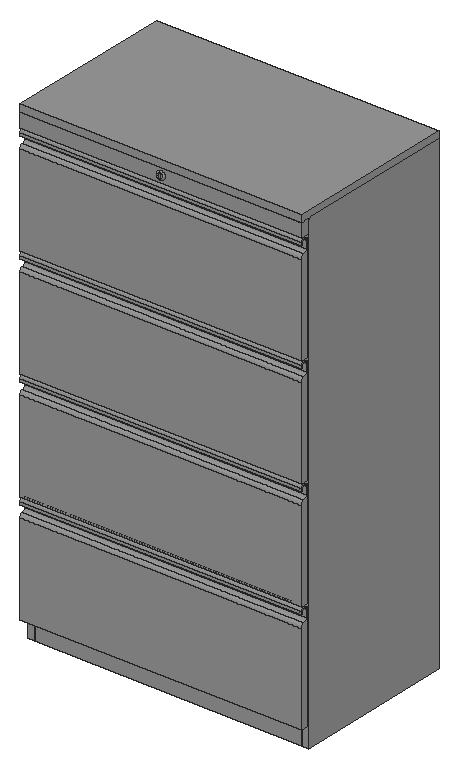
Revit family "ST.FO.LF.4DR.301851 Folio Lateral File Cabinet", category Generic Models, Revit 2018
Family settings
  Can host rebar = No
  Round Connector Dimension = Use Diameter
  Part Type = Normal
  Work Plane-Based = No
  Always vertical = Yes
  Cut with Voids When Loaded = No
  Shared = No
  Room Calculation Point = No
Parameters
  Surface = ST.FO.LF.4DR.301851 Folio Lateral File Surface
Reference planes (in)
  plane 1 "Center (Front/Back)": y = 0
  plane 2: z = 0
  plane 3 "Center (Left/Right)": x = 0
Forms (in)
  Extrusion 1, solid, material "ST.FO.LF.4DR.301851 Folio Lateral File Surface" <- "Surface"
    sketch origin (0, 0, 0) x (0, 1, 0) y (0, 0, 1)
      loop
        line (-9.1055, 48.88462) -> (-9.1055, 48.62738) -> (-9.0696, 48.62738) -> (-9.0696, 48.88462)
        arc (-9.0696, 48.88462) -> (-8.74025, 49.21398) -> (-8.4109, 48.88462) r 0.32935
        line (-8.4109, 48.88462) -> (-8.4109, 48.05488)
        arc (-8.4109, 48.05488) -> (-8.51505, 47.80343) -> (-8.7665, 47.69927) r 0.3556
        arc (-8.7665, 47.69927) -> (-9.02, 47.59427) -> (-9.125, 47.34078) r 0.3585
        line (-9.125, 47.34078) -> (-9.125, 37.636) -> (-8.375, 37.636) -> (-8.375, 48.88462)
        arc (-8.375, 48.88462) -> (-8.74025, 49.24988) -> (-9.1055, 48.88462) r 0.36525
    from -15 to 15
  Extrusion 2, solid, material "ST.FO.LF.4DR.301851 Folio Lateral File Surface" <- "Surface"
    sketch origin (0, 0, 0) x (1, 0, 0) y (0, 0, 1)
      loop
        line (-13.625, 47.476) -> (-13.75, 47.476) -> (-13.75, 38.476) -> (-13.625, 38.476) -> (-13.625, 39.101) -> (13.625, 39.101) -> (13.625, 38.476) -> (13.75, 38.476) -> (13.75, 47.476) -> (13.625, 47.476) -> (13.625, 39.226) -> (-13.625, 39.226) -> (-13.625, 47.476)
    from -3.5 to 8.25
  Extrusion 3, solid, material "ST.FO.LF.4DR.301851 Folio Lateral File Surface" <- "Surface"
    sketch origin (0, 0, 0) x (1, 0, 0) y (0, 0, 1)
      loop
        line (-13.75, 47.476) -> (-13.75, 38.476) -> (13.75, 38.476) -> (13.75, 47.476) -> (-13.75, 47.476)
    from -3.625 to -3.5
  Extrusion 4, solid, material "ST.FO.LF.4DR.301851 Folio Lateral File Surface" <- "Surface"
    sketch origin (0, -11.875, 0) x (1, 0, 0) y (0, 0, 1)
      loop
        line (-13.75, 47.476) -> (-13.75, 38.476) -> (13.75, 38.476) -> (13.75, 47.476) -> (-13.75, 47.476)
    from -3.625 to -3.5
  Extrusion 5, solid, material "ST.FO.LF.4DR.301851 Folio Lateral File Surface" <- "Surface"
    sketch origin (0, 0, -11.739) x (0, 1, 0) y (0, 0, 1)
      loop
        line (-9.1055, 48.88462) -> (-9.1055, 48.62738) -> (-9.0696, 48.62738) -> (-9.0696, 48.88462)
        arc (-9.0696, 48.88462) -> (-8.74025, 49.21398) -> (-8.4109, 48.88462) r 0.32935
        line (-8.4109, 48.88462) -> (-8.4109, 48.05488)
        arc (-8.4109, 48.05488) -> (-8.51505, 47.80343) -> (-8.7665, 47.69927) r 0.3556
        arc (-8.7665, 47.69927) -> (-9.02, 47.59427) -> (-9.125, 47.34078) r 0.3585
        line (-9.125, 47.34078) -> (-9.125, 37.636) -> (-8.375, 37.636) -> (-8.375, 48.88462)
        arc (-8.375, 48.88462) -> (-8.74025, 49.24988) -> (-9.1055, 48.88462) r 0.36525
    from -15 to 15
  Extrusion 6, solid, material "ST.FO.LF.4DR.301851 Folio Lateral File Surface" <- "Surface"
    sketch origin (0, 0, -11.739) x (1, 0, 0) y (0, 0, 1)
      loop
        line (-13.625, 47.476) -> (-13.75, 47.476) -> (-13.75, 38.476) -> (-13.625, 38.476) -> (-13.625, 39.101) -> (13.625, 39.101) -> (13.625, 38.476) -> (13.75, 38.476) -> (13.75, 47.476) -> (13.625, 47.476) -> (13.625, 39.226) -> (-13.625, 39.226) -> (-13.625, 47.476)
    from -3.5 to 8.25
  Extrusion 7, solid, material "ST.FO.LF.4DR.301851 Folio Lateral File Surface" <- "Surface"
    sketch origin (0, 0, -11.739) x (1, 0, 0) y (0, 0, 1)
      loop
        line (-13.75, 47.476) -> (-13.75, 38.476) -> (13.75, 38.476) -> (13.75, 47.476) -> (-13.75, 47.476)
    from -3.625 to -3.5
  Extrusion 8, solid, material "ST.FO.LF.4DR.301851 Folio Lateral File Surface" <- "Surface"
    sketch origin (0, -11.875, -11.739) x (1, 0, 0) y (0, 0, 1)
      loop
        line (-13.75, 47.476) -> (-13.75, 38.476) -> (13.75, 38.476) -> (13.75, 47.476) -> (-13.75, 47.476)
    from -3.625 to -3.5
  Extrusion 9, solid, material "ST.FO.LF.4DR.301851 Folio Lateral File Surface" <- "Surface"
    sketch origin (0, 0, -23.477) x (0, 1, 0) y (0, 0, 1)
      loop
        line (-9.1055, 48.88462) -> (-9.1055, 48.62738) -> (-9.0696, 48.62738) -> (-9.0696, 48.88462)
        arc (-9.0696, 48.88462) -> (-8.74025, 49.21398) -> (-8.4109, 48.88462) r 0.32935
        line (-8.4109, 48.88462) -> (-8.4109, 48.05488)
        arc (-8.4109, 48.05488) -> (-8.51505, 47.80343) -> (-8.7665, 47.69927) r 0.3556
        arc (-8.7665, 47.69927) -> (-9.02, 47.59427) -> (-9.125, 47.34078) r 0.3585
        line (-9.125, 47.34078) -> (-9.125, 37.636) -> (-8.375, 37.636) -> (-8.375, 48.88462)
        arc (-8.375, 48.88462) -> (-8.74025, 49.24988) -> (-9.1055, 48.88462) r 0.36525
    from -15 to 15
  Extrusion 10, solid, material "ST.FO.LF.4DR.301851 Folio Lateral File Surface" <- "Surface"
    sketch origin (0, 0, -23.477) x (1, 0, 0) y (0, 0, 1)
      loop
        line (-13.625, 47.476) -> (-13.75, 47.476) -> (-13.75, 38.476) -> (-13.625, 38.476) -> (-13.625, 39.101) -> (13.625, 39.101) -> (13.625, 38.476) -> (13.75, 38.476) -> (13.75, 47.476) -> (13.625, 47.476) -> (13.625, 39.226) -> (-13.625, 39.226) -> (-13.625, 47.476)
    from -3.5 to 8.25
  Extrusion 11, solid, material "ST.FO.LF.4DR.301851 Folio Lateral File Surface" <- "Surface"
    sketch origin (0, 0, -23.477) x (1, 0, 0) y (0, 0, 1)
      loop
        line (-13.75, 47.476) -> (-13.75, 38.476) -> (13.75, 38.476) -> (13.75, 47.476) -> (-13.75, 47.476)
    from -3.625 to -3.5
  Extrusion 12, solid, material "ST.FO.LF.4DR.301851 Folio Lateral File Surface" <- "Surface"
    sketch origin (0, -11.875, -23.477) x (1, 0, 0) y (0, 0, 1)
      loop
        line (-13.75, 47.476) -> (-13.75, 38.476) -> (13.75, 38.476) -> (13.75, 47.476) -> (-13.75, 47.476)
    from -3.625 to -3.5
  Extrusion 13, solid, material "ST.FO.LF.4DR.301851 Folio Lateral File Surface" <- "Surface"
    sketch origin (0, 0, -35.216) x (0, 1, 0) y (0, 0, 1)
      loop
        line (-9.1055, 48.88462) -> (-9.1055, 48.62738) -> (-9.0696, 48.62738) -> (-9.0696, 48.88462)
        arc (-9.0696, 48.88462) -> (-8.74025, 49.21398) -> (-8.4109, 48.88462) r 0.32935
        line (-8.4109, 48.88462) -> (-8.4109, 48.05488)
        arc (-8.4109, 48.05488) -> (-8.51505, 47.80343) -> (-8.7665, 47.69927) r 0.3556
        arc (-8.7665, 47.69927) -> (-9.02, 47.59427) -> (-9.125, 47.34078) r 0.3585
        line (-9.125, 47.34078) -> (-9.125, 37.636) -> (-8.375, 37.636) -> (-8.375, 48.88462)
        arc (-8.375, 48.88462) -> (-8.74025, 49.24988) -> (-9.1055, 48.88462) r 0.36525
    from -15 to 15
  Extrusion 14, solid, material "ST.FO.LF.4DR.301851 Folio Lateral File Surface" <- "Surface"
    sketch origin (0, 0, -35.216) x (1, 0, 0) y (0, 0, 1)
      loop
        line (-13.625, 47.476) -> (-13.75, 47.476) -> (-13.75, 38.476) -> (-13.625, 38.476) -> (-13.625, 39.101) -> (13.625, 39.101) -> (13.625, 38.476) -> (13.75, 38.476) -> (13.75, 47.476) -> (13.625, 47.476) -> (13.625, 39.226) -> (-13.625, 39.226) -> (-13.625, 47.476)
    from -3.5 to 8.25
  Extrusion 15, solid, material "ST.FO.LF.4DR.301851 Folio Lateral File Surface" <- "Surface"
    sketch origin (0, 0, -35.216) x (1, 0, 0) y (0, 0, 1)
      loop
        line (-13.75, 47.476) -> (-13.75, 38.476) -> (13.75, 38.476) -> (13.75, 47.476) -> (-13.75, 47.476)
    from -3.625 to -3.5
  Extrusion 16, solid, material "ST.FO.LF.4DR.301851 Folio Lateral File Surface" <- "Surface"
    sketch origin (0, -11.875, -35.216) x (1, 0, 0) y (0, 0, 1)
      loop
        line (-13.75, 47.476) -> (-13.75, 38.476) -> (13.75, 38.476) -> (13.75, 47.476) -> (-13.75, 47.476)
    from -3.625 to -3.5
  Extrusion 17, solid, material "ST.FO.LF.4DR.301851 Folio Lateral File Surface" <- "Surface"
    sketch origin (0, 0, 0) x (0, 1, 0) y (0, 0, 1)
      loop
        line (8.375, 2.75) -> (-8.125, 2.75) -> (-8.125, 0.25) -> (-7.375, 0.25) -> (-7.375, 2) -> (8.375, 2) -> (8.375, 2.75)
    from -14.25 to 14.25
  Extrusion 18, solid, material "ST.FO.LF.4DR.301851 Folio Lateral File Surface" <- "Surface"
    sketch origin (0, 0, 0) x (0, 1, 0) y (0, 0, 1)
      loop
        line (-8.125, 0.25) -> (9.125, 0.25) -> (9.125, 50.875) -> (-8.125, 50.875) -> (-8.125, 0.25)
    from 14.25 to 15
  Extrusion 19, solid, material "ST.FO.LF.4DR.301851 Folio Lateral File Surface" <- "Surface"
    sketch origin (0, 0, 0) x (0, 1, 0) y (0, 0, -1)
      loop
        line (-8.125, -0.25) -> (-8.125, -50.875) -> (9.125, -50.875) -> (9.125, -0.25) -> (-8.125, -0.25)
    from 14.25 to 15
  Extrusion 20, solid, material "ST.FO.LF.4DR.301851 Folio Lateral File Surface" <- "Surface"
    sketch origin (0, 0, 0) x (0, 1, 0) y (0, 0, 1)
      loop
        line (8.375, 50.875) -> (8.375, 0.25) -> (9.125, 0.25) -> (9.125, 50.875) -> (8.375, 50.875)
    from -14.25 to 14.25
  Extrusion 21, solid, material "ST.FO.LF.4DR.301851 Folio Lateral File Surface" <- "Surface"
    sketch origin (0, 0, 0) x (0, 1, 0) y (0, 0, 1)
      loop
        line (9.125, 51.625) -> (-9.125, 51.625) -> (-9.125, 50.875) -> (9.125, 50.875) -> (9.125, 51.625)
    from -15 to 15
  Extrusion 22, solid, material "ST.FO.LF.4DR.301851 Folio Lateral File Surface" <- "Surface"
    sketch origin (0, 0, 0) x (0, 1, 0) y (0, 0, 1)
      loop
        line (-8.125, 50.875) -> (-9.125, 50.875) -> (-9.125, 49.375) -> (-8.125, 49.375) -> (-8.125, 50.875)
    from -15 to 15
  Revolve 23, solid, material "Folio Glides"
    sketch origin (0, 0, 0) x (0, 1, 0) y (0, 0, 1)
      loop
        arc (-9.125, 50.56261) -> (-9.20156, 50.53665) -> (-9.24581, 50.469) r 0.12389
        line (-9.24581, 50.469) -> (-9.24581, 50.125) -> (-9.125, 50.125) -> (-9.125, 50.56261)
      axis (-9.24581, 50.125) -> (-9.125, 50.125)
    angle from 0 to 360
  Extrusion 24, void
    sketch origin (0, 0, 0) x (1, 0, 0) y (0, 0, 1)
      loop
        line (-0.0625, 50.408) -> (-0.0625, 49.842) -> (0.0625, 49.842) -> (0.0625, 50.408) -> (-0.0625, 50.408)
    from 9.125 to 9.40721
  Revolve 25, solid, material "Folio Glides"
    sketch origin (0, -6.6869, 0) x (1, 0, 0) y (0, 0, 1)
      loop
        line (-13.56312, 1.18177) -> (-13.56312, 0) -> (-13.2343, 0)
        arc (-13.2343, 0) -> (-13.21728, 0.0077) -> (-13.21586, 0.02633) r 0.01832
        line (-13.21586, 0.02633) -> (-13.37703, 0.1875) -> (-13.43902, 0.1875) -> (-13.43902, 1.18177) -> (-13.56312, 1.18177)
      axis (-13.56312, 1.18177) -> (-13.56312, 0)
    angle from 0 to 360
  Extrusion 26, solid, material "Folio Glides"
    sketch origin (0, 0, 0) x (1, 0, 0) y (0, 1, 0)
      loop
        line (-12.1875, -7.375) -> (-14.25, -5.3125) -> (-14.25, -7.375) -> (-12.1875, -7.375)
    from 0.25 to 0.3125
  Revolve 27, solid, material "Folio Glides"
    sketch origin (0, 7.6869, 0) x (1, 0, 0) y (0, 0, -1)
      loop
        line (-13.56312, -1.18177) -> (-13.43902, -1.18177) -> (-13.43902, -0.1875) -> (-13.37703, -0.1875) -> (-13.21586, -0.02633)
        arc (-13.21586, -0.02633) -> (-13.21728, -0.0077) -> (-13.2343, 0) r 0.01832
        line (-13.2343, 0) -> (-13.56312, 0) -> (-13.56312, -1.18177)
      axis (-13.56312, -1.18177) -> (-13.56312, 0)
    angle from 0 to 360
  Extrusion 28, solid, material "Folio Glides"
    sketch origin (0, 1, 0) x (1, 0, 0) y (0, 1, 0)
      loop
        line (-12.1875, 7.375) -> (-14.25, 7.375) -> (-14.25, 5.3125) -> (-12.1875, 7.375)
    from 0.25 to 0.3125
  Revolve 29, solid, material "Folio Glides"
    sketch origin (0, -6.6869, 0) x (-1, 0, 0) y (0, 0, -1)
      loop
        line (-13.56312, -1.18177) -> (-13.43902, -1.18177) -> (-13.43902, -0.1875) -> (-13.37703, -0.1875) -> (-13.21586, -0.02633)
        arc (-13.21586, -0.02633) -> (-13.21728, -0.0077) -> (-13.2343, 0) r 0.01832
        line (-13.2343, 0) -> (-13.56312, 0) -> (-13.56312, -1.18177)
      axis (-13.56312, -1.18177) -> (-13.56312, 0)
    angle from 0 to 360
  Extrusion 30, solid, material "Folio Glides"
    sketch origin (0, 0, 0) x (-1, 0, 0) y (0, -1, 0)
      loop
        line (-12.1875, 7.375) -> (-14.25, 7.375) -> (-14.25, 5.3125) -> (-12.1875, 7.375)
    from 0.25 to 0.3125
  Revolve 31, solid, material "Folio Glides"
    sketch origin (0, 7.6869, 0) x (-1, 0, 0) y (0, 0, 1)
      loop
        line (-13.56312, 1.18177) -> (-13.56312, 0) -> (-13.2343, 0)
        arc (-13.2343, 0) -> (-13.21728, 0.0077) -> (-13.21586, 0.02633) r 0.01832
        line (-13.21586, 0.02633) -> (-13.37703, 0.1875) -> (-13.43902, 0.1875) -> (-13.43902, 1.18177) -> (-13.56312, 1.18177)
      axis (-13.56312, 1.18177) -> (-13.56312, 0)
    angle from 0 to 360
  Extrusion 32, solid, material "Folio Glides"
    sketch origin (0, 1, 0) x (-1, 0, 0) y (0, -1, 0)
      loop
        line (-12.1875, -7.375) -> (-14.25, -5.3125) -> (-14.25, -7.375) -> (-12.1875, -7.375)
    from 0.25 to 0.3125
Cuts and joins
  Extrusion 24 cuts Extrusion 22
  Extrusion 24 cuts Revolve 23
Dimensions and locks (in)
  aligned and locked: plane 2 to level
